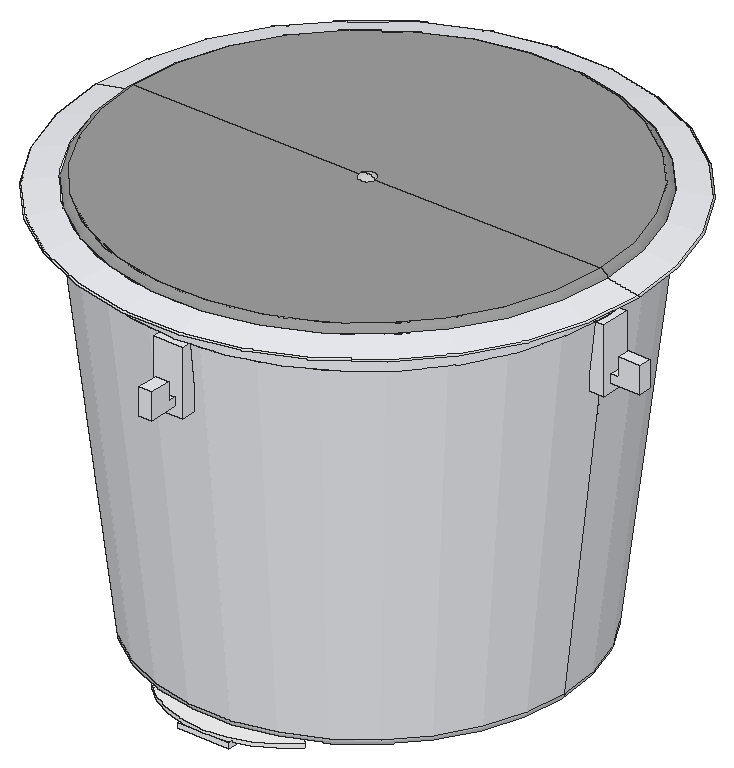
Revit family "Atlas_Sound_FAPSUB-1", category Communication Devices, Revit 2023
Family settings
  Round Connector Dimension = Use Diameter
  Part Type = Normal
  Work Plane-Based = Yes
  Always vertical = No
  Cut with Voids When Loaded = No
  Maintain Annotation Orientation = No
  Shared = No
  Room Calculation Point = No
Parameters (values of type "Two Way, Full Range, Coaxial Ceiling Loudspeaker")
  Width = 15.75"
  Warranty = "5 Year"
  Vertical Symmetry = yes
  URL = "www.atlassound.com"
  Transformer Option = yes
  Specification by User (default) = "TBD"
  Speaker Type = "S1"
  Speaker Listening Height [instance] = 30.00"
  Speaker Height [instance] = 120.00"
  Speaker Dispersion = 120.00°
  Speaker Cone Visible [instance] = no
  Speaker Cone Height [instance] = (Speaker Height - Speaker Listening Height)  # 90.00"
  Sensitivity = 89
  ScheduleType |RF| = "AtlasIED Master"
  Safety Agency Ratings = "UL Listed to Comply with UL1480"
  SPL Max = 107
  Regulatory Compliance = "UL Listed to Comply with UL1480"
  Radius of Speaker Cone [instance] = (Speaker Cone Height) * tan(Speaker Dispersion / 2)  # 155.88457"
  Product Page URL = "https://www.atlasied.com/fapsub-1"
  Product Documentation Link = "https://www.atlasied.com/f/1868/FAPSUB_RevBData.pdf"
  Power Rating (RMS) = "100 Watts"
  Power Handling = 100
  OmniClass Title = "SPEAKERS"
  OmniClass Number = "23-37 17 13 19"
  Mount Material = QF_Plastic - White - Smooth
  Model = "FABSUB-1"
  MaterFormat Title = "SPEAKERS"
  MasterFormat = "27 41 13"
  Manufacturer URL = "https://www.atlasied.com/"
  Manufacturer Phone = "(800) 876 - 3333"
  Manufacturer Email = "support@atlasied.com"
  Manufacturer Address = "4545 E. Baseline Rd., Phoenix, AZ 85042"
  Manufacturer = "ATLAS SOUND"
  Input Connectors = "4 Pole Detachable Phoenix / Euro Style Connector Allows Easy Pre-Wiring"
  Ingress Protection = "IP-21"
  Impedance = 8
  IQ Category = "SPEAKERS"
  Height = 12.75"
  Grill Material = QF_Plastic - Black - Fine Textured
  Frequency Response  = "45Hz – 120Hz (±10dB),55Hz – 100Hz (±6dB)"
  Family Version [instance] = "2017-01"
  Family Code (default) = "LOUD SPEAKERS"
  Enclosure Material = none
  Dispersion Angle = 90.00°
  Description = "8\" TUNED PORTED IN-CEILING SUBWOOFER WITH 60-WATT 70V/100V TRANSFORMER"
  Default Elevation = 48.00"
  Coverage Vertical = 110.00°
  Coverage Horizontal = 110.00°
  Cost MSRP = 267.99
  Cost = 267.99
  Controls = "Front Mounted Tap Selector Switch."
  Color = none
  Body Material = QF_Plastic - White - Smooth
  Baffle Material = none
  70V Taps = "1.9, 3.8, 7.5, 15, 30, 60 Watts & 8Ω"
  100V Taps = "1.9, 3.8, 7.5, 15, 30, 60 Watts & 8Ω"
Reference planes (in)
  plane 1 "Center (Front/Back)": y = 0
  plane 2: z = 0
  plane 3 "Center (Left/Right)": x = 0
  plane 4: z = 0.55
  plane 5: z = -8.76
  plane 6: y = 5.17184
  plane 7: y = -5.25
  plane 8: z = 0.38172
  plane 9: z = -0.75
  plane 10: z = -12.75
  plane 11: x = 7.875
  plane 12: x = -7.875
  plane 13: x = 7
  plane 14: x = -7
Forms (in)
  Revolve 1, solid, material "QF_Plastic - White - Smooth" <- "Mount Material"
    sketch origin (0, 0, 0) x (1, 0, 0) y (0, 0, 1)
      loop
        line (0, -0.75) -> (0, 0.21227) -> (-6.98569, 0.21227)
        arc (-6.98569, 0.21227) -> (-7.4174, 0.12916) -> (-7.84741, 0.03769) r 22.63754
        arc (-7.84741, 0.03769) -> (-7.8683, 0.02404) -> (-7.875, 0) r 0.03543
        line (-7.875, 0) -> (-7, 0) -> (-7, -0.75) -> (0, -0.75)
      axis (0, 0.21227) -> (0, -0.75)
    angle from 0 to 360
  Revolve 2, solid, material "QF_Plastic - Black - Fine Textured" <- "Grill Material"
    sketch origin (0, 0, 0) x (1, 0, 0) y (0, 0, 1)
      loop
        line (0, 0.21227) -> (0, 0.38172) -> (0, 0.45737)
        arc (0, 0.45737) -> (-0.12114, 0.44524) -> (-0.225, 0.38172) r 0.27343
        line (-0.225, 0.38172) -> (-6.78374, 0.38172)
        arc (-6.78374, 0.38172) -> (-6.89952, 0.31463) -> (-6.98569, 0.21227) r 0.38882
        line (-6.98569, 0.21227) -> (0, 0.21227)
      axis (0, 0.45737) -> (0, 0.21227)
    angle from 0 to 360
  Revolve 3, solid, material "QF_Plastic - White - Smooth" <- "Body Material"
    sketch origin (0, 0, 0) x (1, 0, 0) y (0, 0, 1)
      loop
        line (0, -0.75) -> (-7, -0.75) -> (-5.73727, -11.03411)
        arc (-5.73727, -11.03411) -> (-5.66973, -11.16913) -> (-5.53678, -11.24065) r 0.25
        arc (-5.53678, -11.24065) -> (-4.03634, -11.43751) -> (-2.52328, -11.46443) r 13.43767
        line (-2.52328, -11.46443) -> (0, -11.46443) -> (0, -0.75)
      axis (0, -0.75) -> (0, -11.46443)
    angle from 0 to 360
  Extrusion 4, solid, material "QF_Plastic - White - Smooth"
    sketch origin (0, 0, -0.75) x (0, 1, 0) y (1, 0, 0)
      loop
        line (0.40934, -7.21227) -> (0.40934, -6.79817) -> (-0.44066, -6.79817) -> (-0.44066, -7.21227) -> (0.40934, -7.21227)
      loop
        line (0.40934, 7.21227) -> (-0.44066, 7.21227) -> (-0.44066, 6.79817) -> (0.40934, 6.79817) -> (0.40934, 7.21227)
      loop
        line (7.21558, 0.41845) -> (6.79819, 0.41845) -> (6.79819, -0.43155) -> (7.21558, -0.43155) -> (7.21558, 0.41845)
      loop
        line (-7.21558, 0.41845) -> (-7.21558, -0.43155) -> (-6.79819, -0.43155) -> (-6.79819, 0.41845) -> (-7.21558, 0.41845)
    from 0 to 1.85886
  Extrusion 5, solid, material "QF_Plastic - White - Smooth"
    sketch origin (-3.78297, -0.44066, -0.75) x (-1, 0, 0) y (0, 0, -1)
      loop
        line (4.28853, 1.61) -> (3.07008, 1.61) -> (3.07008, 1.36) -> (3.66353, 1.36) -> (3.66353, 0.86) -> (4.28853, 0.86) -> (4.28853, 1.61)
      loop
        line (-11.85447, 1.61) -> (-11.85447, 0.86) -> (-11.22947, 0.86) -> (-11.22947, 1.36) -> (-10.63601, 1.36) -> (-10.63601, 1.61) -> (-11.85447, 1.61)
    from -0.2375 to -0.6125
  Extrusion 6, solid, material "QF_Plastic - White - Smooth"
    sketch origin (-0.425, 3.7673, -0.75) x (0, 1, 0) y (0, 0, -1)
      loop
        line (4.2952, 1.61) -> (3.07674, 1.61) -> (3.07674, 1.36) -> (3.6702, 1.36) -> (3.6702, 0.86) -> (4.2952, 0.86) -> (4.2952, 1.61)
      loop
        line (-11.8298, 1.61) -> (-11.8298, 0.86) -> (-11.2048, 0.86) -> (-11.2048, 1.36) -> (-10.61135, 1.36) -> (-10.61135, 1.61) -> (-11.8298, 1.61)
    from -0.2375 to -0.6125
  Extrusion 7, solid, material "QF_Plastic-White-Smooth"
    sketch origin (-6.66586, -182.6875, -12.75) x (-1, 0, 0) y (0, -1, 0)
      loop
        arc (-4.43618, -177.65197) -> (-6.65155, -176.73434) -> (-8.86692, -177.65197) r 3.133
        line (-8.86692, -177.65197) -> (-7.28455, -179.23434) -> (-6.01855, -179.23434) -> (-4.43618, -177.65197)
    from 1.37374 to 1.27559
  Extrusion 8, solid, material "QF_Plastic-White-Smooth"
    sketch origin (0.36869, -3.45316, -12.75) x (-1, 0, 0) y (0, 0, 1)
      loop
        line (1.016, 1.27559) -> (-0.26405, 1.27559) -> (-0.26405, 0.25)
        arc (-0.26405, 0.25) -> (-0.19083, 0.07322) -> (-0.01405, 0) r 0.25
        line (-0.01405, 0) -> (0.766, 0)
        arc (0.766, 0) -> (0.94278, 0.07322) -> (1.016, 0.25) r 0.25
        line (1.016, 0.25) -> (1.016, 1.27559)
      loop
        circle (0.37645, 0.37996) r 0.25
    from 0 to 0.13
  Extrusion 9, solid, material "QF_Plastic-White-Smooth"
    sketch origin (-6.66586, -182.6875, -11.47441) x (0, -1, 0) y (-1, 0, 0)
      loop
        line (-177.87354, -5.91901) -> (-177.86412, -7.41908) -> (-176.74282, -7.4121) -> (-176.75224, -5.91214) -> (-177.87354, -5.91901)
      loop
        line (-178.06464, -7.43003) -> (-178.07418, -5.91139) -> (-178.8591, -5.98561) -> (-178.85043, -7.36558) -> (-178.06464, -7.43003)
    from 0 to 0.13
  Blend 10, solid, material "Glass", visible <- "Speaker Cone Visible"
    base sketch origin (0, 0, 0) x (1, 0, 0) y (0, 1, 0)
      loop
        circle (0, 0.09521) r 155.88457
    top sketch origin (0, 0, 0) x (1, 0, 0) y (0, 1, 0)
      loop
        circle (0, 0.09521) r 0.13513
    from 90 <- "Speaker Cone Height" to 0
  Blend 11, solid, material "Glass", visible <- "Speaker Cone Visible"
    base sketch origin (0, 0, 0) x (1, 0, 0) y (0, 1, 0)
      loop
        circle (0, 0.09521) r 155.88457
    top sketch origin (0, 0, 0) x (1, 0, 0) y (0, 1, 0)
      loop
        circle (0, 0.09521) r 0.13513
    from 90 <- "Speaker Cone Height" to 0
Lines and regions (in)
  symbolic lines
    curve 1: circle (0, 0, 0) r 7.875 normal (0, 0, 1)
    curve 2: circle (0, 0, 0) r 0.225 normal (0, 0, 1)
    curve 3: circle (0, 0, 0) r 6.98569 normal (0, 0, 1)
  symbolic lines, style "Sound Projection Average", visible <- "Speaker Cone Visible"
    curve 4: circle (0, 0.09521, 0) r 155.88457 normal (0, 0, 1)
Dimensions and locks (in)
  plane 2 to plane 5 = 8.76"
  level to plane 9 = 0.75"
  plane 6 to plane 7 = 10.42184"
  "Height": plane 2 to plane 10
  plane 14 to plane 13 = 14.00"
  "Width": plane 12 to plane 11
  "Radius of Speaker Cone": radius of Blend 10 sketch curve
  "Radius of Speaker Cone": radius of Blend 11 sketch curve
  aligned and locked: plane 2 to level
  aligned and locked: curve 4 to Blend 11
Automatic sketch dimensions
  Revolve 1 sketch curve to level = 0.00"
  plane 12 to Revolve 1 sketch curve = 0.00"
  Revolve 1 sketch curve to plane 9 = 0.00"
  plane 14 to Revolve 1 sketch curve = 0.00"
  Revolve 1 sketch curve to plane 3 "Center (Left/Right)" = 0.00"  (x2)
  level to Revolve 1 sketch curve = 0.00311"
  Revolve 1 sketch curve to plane 12 = 0.0353"
  Revolve 1 sketch curve to plane 14 = 0.01431"
  Revolve 1 sketch curve to plane 3 "Center (Left/Right)" = 2.92265"
  Revolve 1 sketch curve to plane 10 = 9.30766"
  Revolve 1 sketch curve to plane 8 = 0.16946"
  Revolve 1 sketch curve to plane 4 = 2.31194"
  Revolve 1 sketch curve to Revolve 1 sketch curve = 0.25"
  Revolve 2 sketch curve to plane 8 = 0.00"  (x2)
  Revolve 2 sketch curve to plane 3 "Center (Left/Right)" = 0.00"  (x2)
  Revolve 2 sketch curve to plane 3 "Center (Left/Right)" = 0.034"
  Revolve 2 sketch curve to Revolve 2 sketch curve = 0.225"
  level to Revolve 2 sketch curve = 0.01678"
  Revolve 2 sketch curve to plane 14 = 0.35041"
  Revolve 2 sketch curve to plane 14 = 0.21626"
  Revolve 2 sketch curve to plane 14 = 0.01431"
  Revolve 2 sketch curve to Revolve 2 sketch curve = 0.0262"
  Revolve 2 sketch curve to plane 4 = 2.31194"
  Revolve 2 sketch curve to Revolve 2 sketch curve = 0.25"
  Revolve 3 sketch curve to plane 9 = 0.00"
  plane 14 to Revolve 3 sketch curve = 0.00"
  Revolve 3 sketch curve to plane 3 "Center (Left/Right)" = 0.00"  (x2)
  Revolve 3 sketch curve to plane 14 = 1.26273"
  Revolve 3 sketch curve to Revolve 3 sketch curve = 0.24692"
  Revolve 3 sketch curve to plane 4 = 1.41326"
  Revolve 3 sketch curve to plane 3 "Center (Left/Right)" = 3.04122"
  Revolve 3 sketch curve to Revolve 3 sketch curve = 2.52328"
  plane 10 to Revolve 3 sketch curve = 1.755"
  Revolve 3 sketch curve to Revolve 3 sketch curve = 0.03911"
  plane 10 to Revolve 3 sketch curve = 1.28557"
  Revolve 3 sketch curve to plane 4 = 2.31194"
  Revolve 3 sketch curve to Revolve 3 sketch curve = 0.25"
  Extrusion 4 sketch curve to Revolve 1 = 7.21558"
  Extrusion 4 sketch curve to Extrusion 4 sketch curve = 0.4174"  (x2)
  Extrusion 4 sketch curve to Revolve 1 = 0.44066"  (x2)
  Revolve 1 to Extrusion 4 sketch curve = 0.40934"  (x2)
  Revolve 1 to Extrusion 4 sketch curve = 6.79819"
  Extrusion 4 sketch curve to Extrusion 4 sketch curve = 0.4141"  (x2)
  Extrusion 4 sketch curve to Extrusion 4 sketch curve = 6.37972"  (x2)
  Extrusion 4 sketch curve to Extrusion 4 sketch curve = 0.85"  (x2)
  Extrusion 4 sketch curve to Extrusion 4 sketch curve = 6.36663"
  Extrusion 5 sketch curve to plane 11 = 0.1965"
  plane 11 to Extrusion 5 sketch curve = 0.4285"
  plane 13 to Extrusion 5 sketch curve = 0.14696"
  Extrusion 5 sketch curve to plane 14 = 0.14696"
  Extrusion 5 sketch curve to plane 12 = 0.4285"
  plane 12 to Extrusion 5 sketch curve = 0.1965"
  Extrusion 5 sketch curve to plane 9 = 0.86"  (x2)
  Extrusion 5 sketch curve to Extrusion 5 sketch curve = 0.50"  (x2)
  Extrusion 5 sketch curve to Extrusion 5 sketch curve = 0.25"  (x2)
  Extrusion 6 sketch curve to plane 7 = 2.8125"
  Extrusion 6 sketch curve to Extrusion 6 sketch curve = 0.625"  (x2)
  Extrusion 6 sketch curve to Extrusion 6 sketch curve = 0.59345"  (x2)
  plane 6 to Extrusion 6 sketch curve = 1.67221"
  Extrusion 6 sketch curve to plane 9 = 0.86"  (x2)
  Extrusion 6 sketch curve to Extrusion 6 sketch curve = 0.50"  (x2)
  Extrusion 6 sketch curve to Extrusion 6 sketch curve = 0.25"  (x2)
  plane 7 to Extrusion 7 sketch curve = 0.21447"  (x2)
  plane 3 "Center (Left/Right)" to Extrusion 7 sketch curve = 2.20105"
  plane 3 "Center (Left/Right)" to Extrusion 7 sketch curve = 0.61869"
  Extrusion 7 sketch curve to plane 3 "Center (Left/Right)" = 0.01431"
  Extrusion 7 sketch curve to plane 3 "Center (Left/Right)" = 0.64731"
  plane 7 to Extrusion 7 sketch curve = 1.79684"
  Extrusion 7 sketch curve to Extrusion 7 sketch curve = 0.633"
  Extrusion 8 sketch curve to Extrusion 7 = 0.00"  (x2)
  Extrusion 8 sketch curve to Extrusion 8 sketch curve = 0.25"
  Extrusion 8 sketch curve to Extrusion 8 sketch curve = 0.38955"
  Extrusion 7 to Extrusion 8 sketch curve = 0.23595"
  Extrusion 8 sketch curve to Extrusion 7 = 0.01405"
  Extrusion 8 sketch curve to Extrusion 7 = 0.89562"
  Extrusion 8 sketch curve to Extrusion 8 sketch curve = 0.12996"
  Extrusion 7 to Extrusion 9 sketch curve = 0.37524"
  Extrusion 7 to Extrusion 9 sketch curve = 0.38391"
  Extrusion 9 sketch curve to Extrusion 9 sketch curve = 0.78492"
  Extrusion 9 sketch curve to Extrusion 9 sketch curve = 0.78579"
  Extrusion 9 sketch curve to Extrusion 9 sketch curve = 0.20064"
  Extrusion 9 sketch curve to Extrusion 9 sketch curve = 0.20052"
  Extrusion 9 sketch curve to Extrusion 9 sketch curve = 1.1213"  (x2)
  Extrusion 7 to Extrusion 9 sketch curve = 0.74459"
  Extrusion 9 sketch curve to Extrusion 9 sketch curve = 0.00075"
  Extrusion 9 sketch curve to Extrusion 9 sketch curve = 0.00762"
  Extrusion 9 sketch curve to Extrusion 9 sketch curve = 0.07422"
  Extrusion 9 sketch curve to Extrusion 9 sketch curve = 1.37997"
  Extrusion 9 sketch curve to Extrusion 9 sketch curve = 1.49996"
  Extrusion 9 sketch curve to Extrusion 9 sketch curve = 0.05349"
  Extrusion 9 sketch curve to Extrusion 9 sketch curve = 0.01095"
  Blend 10 sketch curve to plane 3 "Center (Left/Right)" = 0.00"  (x2)
  Blend 10 sketch curve to plane 1 "Center (Front/Back)" = 0.09521"  (x2)
  Blend 11 sketch curve to plane 3 "Center (Left/Right)" = 0.00"  (x2)
  Blend 11 sketch curve to plane 1 "Center (Front/Back)" = 0.09521"  (x2)
  curve 1 to curve 3 = 0.00"  (x2)
  curve 2 to curve 3 = 0.00"  (x2)
  plane 1 "Center (Front/Back)" to curve 2 = 0.00"
  curve 2 to plane 3 "Center (Left/Right)" = 0.00"
  radius of Extrusion 8 sketch curve = 0.25"
  radius of Blend 10 sketch curve = 0.13513"
  radius of Blend 11 sketch curve = 0.13513"
  radius of curve 1 = 7.875"
  radius of curve 2 = 0.225"
  radius of curve 3 = 6.98569"
Nested families (in)
  nested 1: "Speaker Annotation" at (0, 0, 0), Speaker Type <- "Speaker Type", type "Data Annotation"
    with Speaker Type "S1"
Definition of nested family "Speaker Annotation"
  Parameters
    Speaker Type [instance] = ""
  Reference planes (in)
    plane 1: y = 0
    plane 2: x = 0
  Lines and regions (in)
    detail lines
      curve 1: circle (-0.00295, 0.00032, 0) r 0.09489 normal (0, 0, 1)
  Text (in)
    label "S1" at (0.00193, -0.00496, 0), shows "Speaker Type"
